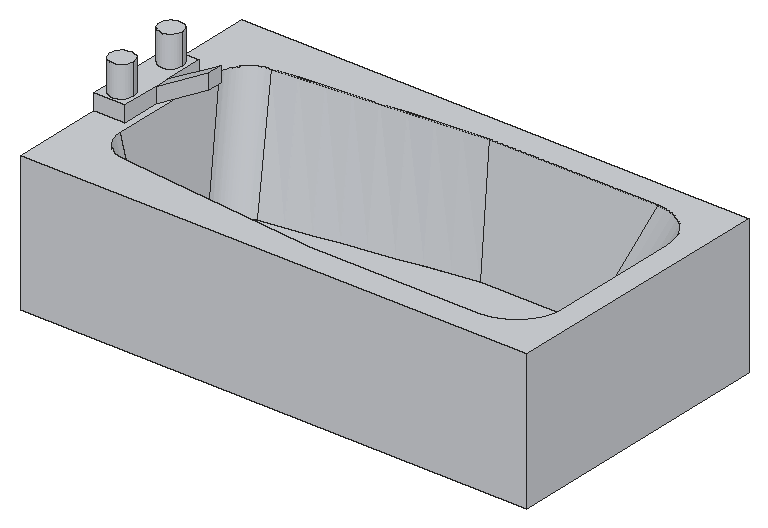
Revit family "M_Banheira - Maestro", category Peças hidrossanitárias, Revit 2019
Family settings
  Cota do conector redondo = Usar raio
  Tipo de parte = Normal
  Número OmniClass = 23.45.05.14.21.11
  Título OmniClass = Bath/Shower Units
  ID de item do Seek = Bath Tub - Maestro-0000-CAN-ENU
  Com base no plano de trabalho = Não
  Sempre na vertical = Sim
  Corte com vazios quando carregada = Não
  Compartilhado = Não
  Ponto de cálculo do ambiente = Não
Parameters (values of type "1675 mmx915 mm - Público")
  Raio do sanitário = 20 mm
  Diâmetro do sanitário = 2 * Raio do sanitário  # 40 mm
  WFU = 2
  Largura da banheira = 915 mm
  Material da banheira = none
  Comprimento da banheira = 1675 mm
  Altura da banheira = 457 mm
  Raio da água quente = 7.5 mm
  Diâmetro da água quente = 2 * Raio da água quente  # 15 mm
  HWFU = 3
  Pressão do fluxo [instance] = 55158.0 Pa
  Material da torneira = none
  Raio da água gelada = 7.5 mm
  Diâmetro da água gelada = 2 * Raio da água gelada  # 15 mm
  CWFU = 3
Types (3, lengths in mm): name | HWFU | CWFU
  (no name) | 3 | 3
  1675 mmx915 mm - Privado | 1 | 1
  1675 mmx915 mm - Público | 3 | 3
Reference planes
  plane 1 "Centro (Frente/Trás)": y = 0
  plane 2: z = 0
  plane 3 "Centro (Esquerda/Direita)": x = 0
  plane 4: x = 1675
  plane 5: y = 915
  plane 6: z = 457.2
  plane 7: x = 1598.8
  plane 8: y = 826.1
  plane 9: y = 88.9
  plane 10: x = 889
  plane 11: x = 127
  plane 12: y = 754.662
  plane 13: y = 160.337
  plane 14: x = 1395.6
  plane 15: y = 788
  plane 16: y = 127
  plane 17: x = 152.4
  plane 18: y = 665.762
  plane 19: y = 249.237
  plane 20: z = 50.8
  plane 21: y = 457.5
  plane 22: y = 609.9
  plane 23: y = 305.1
  plane 24: x = 101.6
  plane 25: z = 508
  plane 26: z = 609.6
  plane 27: x = 50.8
  plane 28: y = 559.1
  plane 29: y = 355.9
  plane 30: x = 277.813
  plane 31: y = 482.9
  plane 32: y = 432.1
  plane 33: z = 57.15
  plane 34: z = 260.35
Forms (mm)
  Extrusion 1, solid, material <- "Material da banheira"
    sketch origin (0, 0, 0) x (1, 0, 0) y (0, 1, 0)
      loop
        line (0, 915) -> (0, 0) -> (1675, 0) -> (1675, 915) -> (0, 915)
    from 0 to 457.2
  Blend 2, void
    base sketch origin (0, 0, 0) x (1, 0, 0) y (0, 1, 0)
      loop
        line (889, 788) -> (237.367, 679.863)
        arc (237.367, 679.863) -> (176.5, 645.332) -> (152.4, 579.633) r 101.6
        line (152.4, 579.633) -> (152.4, 335.367)
        arc (152.4, 335.367) -> (176.5, 269.668) -> (237.367, 235.137) r 101.6
        line (237.367, 235.137) -> (889, 127) -> (1243.2, 127)
        arc (1243.2, 127) -> (1350.963, 171.637) -> (1395.6, 279.4) r 152.4
        line (1395.6, 279.4) -> (1395.6, 635.6)
        arc (1395.6, 635.6) -> (1350.963, 743.363) -> (1243.2, 788) r 152.4
        line (1243.2, 788) -> (889, 788)
    top sketch origin (0, 0, 0) x (1, 0, 0) y (0, 1, 0)
      loop
        line (889, 826.1) -> (219.117, 763.298)
        arc (219.117, 763.298) -> (153.48, 730.549) -> (127, 662.142) r 101.6
        line (127, 662.142) -> (127, 252.858)
        arc (127, 252.858) -> (153.48, 184.451) -> (219.117, 151.702) r 101.6
        line (219.117, 151.702) -> (889, 88.9) -> (1446.4, 88.9)
        arc (1446.4, 88.9) -> (1554.163, 133.537) -> (1598.8, 241.3) r 152.4
        line (1598.8, 241.3) -> (1598.8, 673.7)
        arc (1598.8, 673.7) -> (1554.163, 781.463) -> (1446.4, 826.1) r 152.4
        line (1446.4, 826.1) -> (889, 826.1)
    from 50.8 to 457.2
  Extrusion 3, solid, material <- "Material da torneira", detail levels fine
    sketch origin (0, 0, 0) x (1, 0, 0) y (0, 1, 0)
      loop
        line (0, 609.9) -> (0, 305.1) -> (101.6, 305.1) -> (101.6, 609.9) -> (0, 609.9)
    from 457.2 to 508
  Extrusion 4, solid, material <- "Material da torneira", detail levels fine
    sketch origin (0, 0, 0) x (1, 0, 0) y (0, 1, 0)
      loop
        circle (50.8, 559.1) r 38.1
      loop
        circle (50.8, 355.9) r 38.1
    from 508 to 609.6
  Extrusion 5, solid, material <- "Material da torneira", detail levels fine
    sketch origin (0, 0, 0) x (1, 0, 0) y (0, 0, 1)
      loop
        line (101.6, 508) -> (101.6, 457.2) -> (277.813, 558.8) -> (277.813, 609.6) -> (101.6, 508)
    from -482.9 to -432.1
  Extrusion 6, solid, material <- "Material da banheira"
    sketch origin (0, 0, 0) x (1, 0, 0) y (0, 1, 0)
      loop
        circle (277.813, 457.5) r 38.1
    from 0 to 50.8
  Extrusion 7, solid, material <- "Material da banheira"
    sketch origin (0, 0, 0) x (0, 1, 0) y (0, 0, 1)
      loop
        circle (559.1, 260.35) r 12.7
    from 0 to 50.8
  Extrusion 8, solid, material <- "Material da banheira"
    sketch origin (0, 0, 0) x (0, 1, 0) y (0, 0, 1)
      loop
        circle (355.9, 260.35) r 12.7
    from 0 to 50.8
Cuts and joins
  Blend 2 cuts Extrusion 1
  joined: Extrusion 1, Extrusion 7, Extrusion 8
  joined: Extrusion 3, Extrusion 4, Extrusion 5
Dimensions and locks
  "Comprimento da banheira": plane 3 "Centro (Esquerda/Direita)" to plane 4
  "Largura da banheira": plane 5 to plane 1 "Centro (Frente/Trás)"
  locked: plane 6 to plane 2 at 457.2
  locked: plane 7 to plane 4 at 76.2
  locked: plane 8 to plane 5 at 88.9
  locked: plane 9 to plane 1 "Centro (Frente/Trás)" at 88.9
  locked: plane 3 "Centro (Esquerda/Direita)" to plane 11 at 127
  locked: plane 5 to plane 12 at 160.337
  locked: plane 13 to plane 1 "Centro (Frente/Trás)" at 160.338
  locked: plane 14 to plane 4 at 279.4
  locked: plane 8 to plane 15 at 38.1
  locked: plane 16 to plane 9 at 38.1
  locked: plane 11 to plane 17 at 25.4
  locked: plane 5 to plane 18 at 249.238
  locked: plane 19 to plane 1 "Centro (Frente/Trás)" at 249.238
  plane 20 to plane 2 = 50.8 mm
  locked: plane 3 "Centro (Esquerda/Direita)" to plane 10 at 889
  equal spacing: plane 5, plane 21, plane 1 "Centro (Frente/Trás)"
  locked: plane 22 to plane 21 at 152.4
  locked: plane 21 to plane 23 at 152.4
  locked: plane 3 "Centro (Esquerda/Direita)" to plane 24 at 101.6
  locked: plane 25 to plane 6 at 50.8
  locked: plane 26 to plane 25 at 101.6
  equal spacing: Extrusion 1, plane 27, plane 24
  locked: plane 22 to plane 28 at 50.8
  locked: plane 29 to plane 23 at 50.8
  locked: plane 30 to plane 24 at 176.213
  plane 31 to plane 21 to plane 32 = 25.4 mm locked, 25.4 mm locked
  locked: plane 33 to plane 20 at 6.35
  locked: plane 6 to plane 34 at 196.85
  radius of Extrusion 4 sketch curve = 38.1 mm  (x2)
  radius of Extrusion 6 sketch curve = 38.1 mm
  radius of Extrusion 7 sketch curve = 12.7 mm
  radius of Extrusion 8 sketch curve = 12.7 mm
  aligned and locked: plane 3 "Centro (Esquerda/Direita)" to Extrusion 1 sketch curve
  aligned and locked: Extrusion 1 sketch curve to plane 5
  aligned and locked: plane 1 "Centro (Frente/Trás)" to Extrusion 1 sketch curve
  aligned and locked: Extrusion 1 sketch curve to plane 4
  aligned and locked: Extrusion 1 to plane 6
  aligned and locked: Extrusion 1 to plane 2
  aligned and locked: Blend 2 sketch curve to plane 15
  aligned and locked: Blend 2 sketch curve to plane 14
  aligned and locked: plane 16 to Blend 2 sketch curve
  aligned and locked: plane 10 to Blend 2 sketch curve  (x4)
  aligned and locked: Blend 2 sketch curve to plane 17
  aligned and locked: plane 8 to Blend 2 sketch curve
  aligned and locked: Blend 2 sketch curve to plane 7
  aligned and locked: plane 9 to Blend 2 sketch curve
  aligned and locked: Blend 2 sketch curve to plane 11
  aligned and locked: Blend 2 to plane 6
  aligned and locked: Blend 2 to plane 20
  aligned and locked: plane 3 "Centro (Esquerda/Direita)" to Extrusion 3 sketch curve
  aligned and locked: Extrusion 3 sketch curve to plane 22
  aligned and locked: plane 23 to Extrusion 3 sketch curve
  aligned and locked: Extrusion 3 sketch curve to plane 24
  aligned and locked: plane 25 to Extrusion 3
  aligned and locked: plane 6 to Extrusion 3
  aligned and locked: plane 28 to Extrusion 4 sketch curve
  aligned and locked: plane 27 to Extrusion 4 sketch curve  (x2)
  aligned and locked: plane 29 to Extrusion 4 sketch curve
  aligned and locked: plane 26 to Extrusion 4
  aligned and locked: Extrusion 4 to plane 25
  aligned and locked: Extrusion 5 sketch curve to plane 30
  aligned and locked: plane 26 to Extrusion 5 sketch curve
  aligned and locked: plane 24 to Extrusion 5 sketch curve
  aligned and locked: plane 6 to Extrusion 5 sketch curve
  aligned and locked: plane 25 to Extrusion 5 sketch curve
  aligned and locked: plane 31 to Extrusion 5
  aligned and locked: Extrusion 5 to plane 32
  aligned and locked: plane 21 to Extrusion 6 sketch curve
  aligned and locked: plane 30 to Extrusion 6 sketch curve
  aligned and locked: Extrusion 6 to plane 2
  aligned and locked: plane 34 to Extrusion 7 sketch curve
  aligned and locked: plane 28 to Extrusion 7 sketch curve
  aligned and locked: Extrusion 7 to plane 3 "Centro (Esquerda/Direita)"
  aligned and locked: plane 27 to Extrusion 7
  aligned and locked: plane 34 to Extrusion 8 sketch curve
  aligned and locked: plane 29 to Extrusion 8 sketch curve
  aligned and locked: Extrusion 8 to plane 3 "Centro (Esquerda/Direita)"
  aligned and locked: plane 27 to Extrusion 8
  aligned and locked: plane 20 to Extrusion 6
Automatic sketch dimensions
  Blend 2 sketch curve to plane 19 = 14.1 mm
  plane 17 to Blend 2 sketch curve = 84.967 mm  (x2)
  plane 18 to Blend 2 sketch curve = 14.1 mm
  plane 19 to Blend 2 sketch curve = 86.129 mm
  Blend 2 sketch curve to plane 18 = 86.129 mm
  Blend 2 sketch curve to plane 14 = 152.4 mm  (x2)
  plane 12 to Blend 2 sketch curve = 8.636 mm
  plane 17 to Blend 2 sketch curve = 66.717 mm  (x2)
  Blend 2 sketch curve to plane 13 = 8.636 mm
  plane 19 to Blend 2 sketch curve = 3.621 mm
  Blend 2 sketch curve to plane 18 = 3.621 mm
  plane 14 to Blend 2 sketch curve = 50.8 mm  (x2)
  plane 25 to Extrusion 5 sketch curve = 50.8 mm
Connectors
  piping at (0, 559.1, 260.35), diameter 15, driven by "CWFU", driven by "Pressão do fluxo", driven by "Raio da água gelada"
    settings: on Extrusion 7, index 1, connector inside diameter 15 mm, connector length 0 mm, flow factor 0, pipe flow 0.0 L/s, pressure drop 55158.0 Pa, fitting loss kfactor 0, connector angle 0.00°, fixture units 3, engagement length 0 mm, angle of deflection 0.00°, flow configuration 3, flow direction 1, fitting loss method 4, system type 20, joint type 0, gender type 0, connector reference index -1, connector utility 0, adjustable connector no, is connector primary yes, connector description "In"
  piping at (0, 355.9, 260.35), diameter 15, driven by "Pressão do fluxo", driven by "HWFU", driven by "Raio da água quente"
    settings: on Extrusion 8, index 2, connector inside diameter 15 mm, connector length 0 mm, flow factor 0, pipe flow 0.0 L/s, pressure drop 55158.0 Pa, fitting loss kfactor 0, connector angle 0.00°, fixture units 3, engagement length 0 mm, angle of deflection 0.00°, flow configuration 3, flow direction 1, fitting loss method 4, system type 19, joint type 0, gender type 0, connector reference index -1, connector utility 0, adjustable connector no, is connector primary no, connector description "In"
  piping at (277.813, 457.5, 0), diameter 40, driven by "Raio do sanitário", driven by "WFU"
    settings: on Extrusion 6, index 3, connector inside diameter 40 mm, connector length 0 mm, flow factor 0, pipe flow 0.0 L/s, pressure drop 0.0 Pa, fitting loss kfactor 0, connector angle 0.00°, fixture units 2, engagement length 0 mm, angle of deflection 0.00°, flow configuration 3, flow direction 2, fitting loss method 0, system type 16, joint type 0, gender type 0, connector reference index -1, connector utility 0, adjustable connector no, is connector primary no, connector description "Saída"
